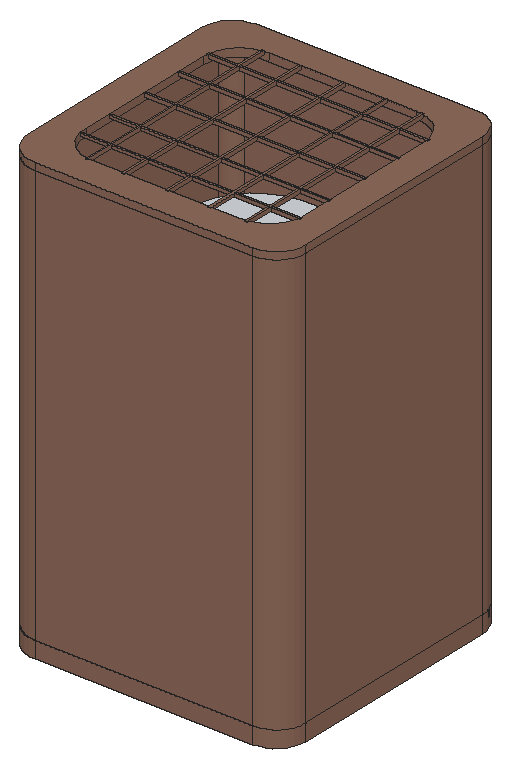
Revit family "C54", category Lighting Fixtures, host Face, Revit 2021
Family settings
  Host = Face
  Round Connector Dimension = Use Diameter
  Part Type = Normal
  OmniClass Number = 23.80.70.14
  OmniClass Title = Luminaries for External Lighting
  Cut with Voids When Loaded = No
  Light Source = Yes
  Shared = No
  Room Calculation Point = No
Parameters (values of type "C54")
  Wattage Comments = "11W"
  Wattage = 9.2903 W
  Warranty = "Limited 5 Years Warranty"  # constant formula
  built-in parameter 1150110 = 1 (stored number, unit not read)
  URL = "https://www.currentlighting.com/kimlighting"
  Type Comments = "Well Light"  # constant formula
  built-in parameter 1114217 = 1 (stored number, unit not read)
  Tilt Angle = 90.00°
  built-in parameter 1150109 = 1 (stored number, unit not read)
  built-in parameter 1150134 = 3
  built-in parameter 1150113 = 1 (stored number, unit not read)
  Product page Link = ""
  Product Documentation Link = ""
  Photometric Web File = "c54f3-9l3k.ies"
  Model = "C54"  # constant formula
  Manufacturer = "Kim Lighting"  # constant formula
  built-in parameter 1150105 = 109.82 (stored number, unit not read)
  Lumens = 1380 lm
  built-in parameter 1150115 = 1 (stored number, unit not read)
  built-in parameter 1150137 = (empty or 0)
  built-in parameter 1150139 = (empty or 0)
  built-in parameter 1150112 = 1 (stored number, unit not read)
  built-in parameter 1150114 = 1 (stored number, unit not read)
  Lamp = "LED"
  built-in parameter 1150132 = (empty or 0)
  built-in parameter 1150102 = (empty or 0)
  built-in parameter 1150107 = 3200 (stored number, unit not read)
  built-in parameter 1150138 = (empty or 0)
  built-in parameter 1150106 = 1.0982 (stored number, unit not read)
  Emit from Rectangle Width = 0' - 6"
  Emit from Rectangle Length = 0' - 6"
  Emit Shape Visible in Rendering = no
  built-in parameter 1150104 = 13.8 (stored number, unit not read)
  Dimming Lamp Color Temperature Shift = <None>
  Description = "Well lights withstand the corrosive forces of water, soil and time. C54 is now available with an IP68 rated energy efficient 11W LED light engine."  # constant formula
  Default Elevation = 4' - 0"
  Color Filter = 16777215
  built-in parameter 1114218 = 1 (stored number, unit not read)
  built-in parameter 1150133 = 10 (stored number, unit not read)
  Apparent Load = 11 VA
Reference planes (in)
  plane 1 "Center (Front/Back)": y = 0
  plane 2: z = 0
  plane 3 "Center (Left/Right)": x = 0
Forms (in)
  Extrusion 1, void
    sketch origin (0, 0, 0) x (1, 0, 0) y (0, 1, 0)
      loop
        line (-4.94, 4.94) -> (-4.94, -4.94) -> (4.94, -4.94) -> (4.94, 4.94) -> (-4.94, 4.94)
    from 0 to -12
  Extrusion 2, solid, material "Powder Coat-Dark Bronze"
    sketch origin (0.00211, -0.00299, 0) x (1, 0, 0) y (0, 1, 0)
      loop
        arc (-3.75, 4.75) -> (-4.45711, 4.45711) -> (-4.75, 3.75) r 1
        line (-4.75, 3.75) -> (-4.75, -3.63532)
        arc (-4.75, -3.63532) -> (-4.42352, -4.42352) -> (-3.63532, -4.75) r 1.11468
        line (-3.63532, -4.75) -> (3.75, -4.75)
        arc (3.75, -4.75) -> (4.45711, -4.45711) -> (4.75, -3.75) r 1
        line (4.75, -3.75) -> (4.75, 3.75)
        arc (4.75, 3.75) -> (4.45711, 4.45711) -> (3.75, 4.75) r 1
        line (3.75, 4.75) -> (-3.75, 4.75)
      loop
        line (2.5, 3.75) -> (-2.5, 3.75)
        arc (-2.5, 3.75) -> (-3.38388, 3.38388) -> (-3.75, 2.5) r 1.25
        line (-3.75, 2.5) -> (-3.75, -2.5)
        arc (-3.75, -2.5) -> (-3.38388, -3.38388) -> (-2.5, -3.75) r 1.25
        line (-2.5, -3.75) -> (2.5, -3.75)
        arc (2.5, -3.75) -> (3.38388, -3.38388) -> (3.75, -2.5) r 1.25
        line (3.75, -2.5) -> (3.75, 2.5)
        arc (3.75, 2.5) -> (3.38388, 3.38388) -> (2.5, 3.75) r 1.25
    from 0 to 0.25
  Extrusion 3, solid, material "Powder Coat-Dark Bronze"
    sketch origin (0.00211, -0.00299, 0) x (1, 0, 0) y (0, 1, 0)
      loop
        line (-2.75, 3.75) -> (-2.75, -3.75) -> (-2.68128, -3.75) -> (-2.68128, 3.75) -> (-2.75, 3.75)
      loop
        line (-1.5, 3.75) -> (-1.5, -3.75) -> (-1.43128, -3.75) -> (-1.43128, 3.75) -> (-1.5, 3.75)
      loop
        line (0, 3.75) -> (0, -3.75) -> (0.06872, -3.75) -> (0.06872, 3.75) -> (0, 3.75)
      loop
        line (2.75, 3.75) -> (2.68128, 3.75) -> (2.68128, -3.75) -> (2.75, -3.75) -> (2.75, 3.75)
      loop
        line (1.5, 3.75) -> (1.43128, 3.75) -> (1.43128, -3.75) -> (1.5, -3.75) -> (1.5, 3.75)
    from 0.13107 to 0.25
  Extrusion 4, solid, material "Powder Coat-Dark Bronze"
    sketch origin (0.00197, -0.00299, 0) x (0, 1, 0) y (-1, 0, 0)
      loop
        line (-2.75, 3.75) -> (-2.75, -3.75) -> (-2.68128, -3.75) -> (-2.68128, 3.75) -> (-2.75, 3.75)
      loop
        line (-1.5, 3.75) -> (-1.5, -3.75) -> (-1.43128, -3.75) -> (-1.43128, 3.75) -> (-1.5, 3.75)
      loop
        line (0, 3.75) -> (0, -3.75) -> (0.06872, -3.75) -> (0.06872, 3.75) -> (0, 3.75)
      loop
        line (2.75, 3.75) -> (2.68128, 3.75) -> (2.68128, -3.75) -> (2.75, -3.75) -> (2.75, 3.75)
      loop
        line (1.5, 3.75) -> (1.43128, 3.75) -> (1.43128, -3.75) -> (1.5, -3.75) -> (1.5, 3.75)
    from 0.13107 to 0.25
  Extrusion 5, solid, material "Powder Coat-Dark Bronze"
    sketch origin (0.00211, -0.00299, 0) x (1, 0, 0) y (0, 1, 0)
      loop
        line (3.75, 4.75) -> (-3.75, 4.75)
        arc (-3.75, 4.75) -> (-4.45711, 4.45711) -> (-4.75, 3.75) r 1
        line (-4.75, 3.75) -> (-4.75, -3.63532)
        arc (-4.75, -3.63532) -> (-4.42352, -4.42352) -> (-3.63532, -4.75) r 1.11468
        line (-3.63532, -4.75) -> (3.75, -4.75)
        arc (3.75, -4.75) -> (4.45711, -4.45711) -> (4.75, -3.75) r 1
        line (4.75, -3.75) -> (4.75, 3.75)
        arc (4.75, 3.75) -> (4.45711, 4.45711) -> (3.75, 4.75) r 1
      loop
        line (3.75, 4.25) -> (-3.75, 4.25)
        arc (-3.75, 4.25) -> (-4.10355, 4.10355) -> (-4.25, 3.75) r 0.5
        line (-4.25, 3.75) -> (-4.25, -3.63532)
        arc (-4.25, -3.63532) -> (-4.06996, -4.06996) -> (-3.63532, -4.25) r 0.61468
        line (-3.63532, -4.25) -> (3.75, -4.25)
        arc (3.75, -4.25) -> (4.10355, -4.10355) -> (4.25, -3.75) r 0.5
        line (4.25, -3.75) -> (4.25, 3.75)
        arc (4.25, 3.75) -> (4.10355, 4.10355) -> (3.75, 4.25) r 0.5
    from 0 to -14.88
  Extrusion 6, solid, material "Powder Coat-Dark Bronze"
    sketch origin (0.00211, -0.00299, 0) x (1, 0, 0) y (0, 1, 0)
      loop
        line (3.75, 4.75) -> (-3.75, 4.75)
        arc (-3.75, 4.75) -> (-4.45711, 4.45711) -> (-4.75, 3.75) r 1
        line (-4.75, 3.75) -> (-4.75, -3.63532)
        arc (-4.75, -3.63532) -> (-4.42352, -4.42352) -> (-3.63532, -4.75) r 1.11468
        line (-3.63532, -4.75) -> (3.75, -4.75)
        arc (3.75, -4.75) -> (4.45711, -4.45711) -> (4.75, -3.75) r 1
        line (4.75, -3.75) -> (4.75, 3.75)
        arc (4.75, 3.75) -> (4.45711, 4.45711) -> (3.75, 4.75) r 1
    from -14.30967 to -14.88
  Revolve 7, solid
    sketch origin (0.00211, -0.00299, 0) x (1, 0, 0) y (0, 0, 1)
      loop
        line (0, -2.75) -> (0, -8.53862) -> (1.37579, -8.53862) -> (1.37579, -7.16326) -> (1.50079, -6.94675) -> (1.50079, -5.19675)
        arc (1.50079, -5.19675) -> (2.11421, -4.36606) -> (2.25, -3.34239) r 2.06997
        line (2.25, -3.34239) -> (2.31424, -3.34239) -> (2.25, -3.27815) -> (2.13467, -3.27815) -> (2.13467, -3.11519) -> (2.25, -3.11519) -> (2.25, -2.75) -> (0, -2.75)
      axis (0, -2.75) -> (0, -8.53862)
    angle from 0 to 360
Dimensions and locks (in)
  aligned and locked: plane 2 to host face
  aligned and locked: level to host face
  aligned and locked: Extrusion 6 to Extrusion 5
Connectors (in)
  electrical at (0.01644, 0.01134, 0.25)
    settings: on Extrusion 2, index 1, voltage 120 V, apparent load 11 VA, apparent load phase1 0 VA, apparent load phase2 0 VA, apparent load phase3 0 VA, power factor 0.9, load classification "Other", number of poles 1, system type 30, power factor state 1, is connector primary yes, connector utility no, sub classification motor no, connector description "Lighting Connector"
